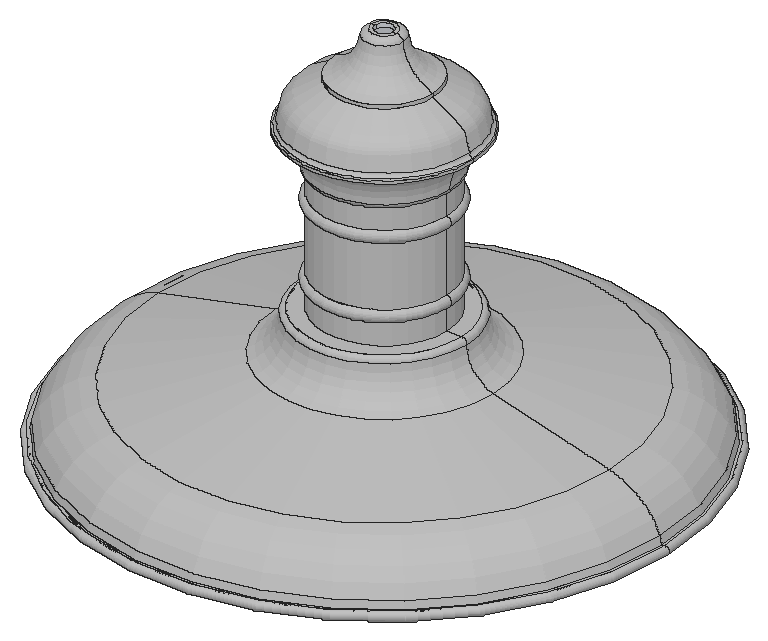
Revit family "TA16 SHADE", category Lighting Fixtures, Revit 2024
Family settings
  Round Connector Dimension = Use Diameter
  Part Type = Normal
  OmniClass Number = 23.80.70.00
  OmniClass Title = Lighting
  Work Plane-Based = No
  Always vertical = Yes
  Cut with Voids When Loaded = No
  Light Source = Yes
  Maintain Annotation Orientation = No
  Shared = No
  Room Calculation Point = No
Parameters
  Wattage = 12.1178 W
  built-in parameter 1150110 = 1 (stored number, unit not read)
  built-in parameter 1114217 = 1 (stored number, unit not read)
  built-in parameter 1150109 = 1 (stored number, unit not read)
  built-in parameter 1150134 = (empty or 0)
  built-in parameter 1150113 = 1 (stored number, unit not read)
  Lumens = 1800 lm
  built-in parameter 1150115 = 1 (stored number, unit not read)
  built-in parameter 1150105 = 572.96 (stored number, unit not read)
  Light Source Symbol Size = 2' - 0"
  built-in parameter 1150137 = (empty or 0)
  built-in parameter 1150139 = (empty or 0)
  built-in parameter 1150112 = 1 (stored number, unit not read)
  built-in parameter 1150114 = 1 (stored number, unit not read)
  built-in parameter 1150132 = 2
  built-in parameter 1150102 = (empty or 0)
  built-in parameter 1150138 = (empty or 0)
  built-in parameter 1150107 = 3000 (stored number, unit not read)
  built-in parameter 1150106 = 5.7296 (stored number, unit not read)
  built-in parameter 1150104 = 13.8 (stored number, unit not read)
  Dimming Lamp Color Temperature Shift = (empty or 0)
  Default Elevation = 0' - 0"
  Color Filter = 16777215
  built-in parameter 1114218 = 1 (stored number, unit not read)
  built-in parameter 1150133 = 10 (stored number, unit not read)
Reference planes (in)
  plane 1 "Light Source Axis (F/B)": y = 0
  plane 2: z = 0
  plane 3 "Light Source Axis (L/R)": x = 0
  plane 4 "Light Source Elevation": z = 54
Forms (in)
  Revolve 1, solid
    sketch origin (0, 0, 0) x (1, 0, 0) y (0, 0, 1)
      loop
        arc (-2.31292, 57.35855) -> (-2.52533, 56.74618) -> (-3.05129, 56.36739) r 1.07447
        line (-3.05129, 56.36739) -> (-6.351, 55.61251)
        arc (-6.351, 55.61251) -> (-7.18929, 55.19685) -> (-7.7442, 54.44347) r 1.98591
        line (-7.7442, 54.44347) -> (-7.79605, 54.25) -> (-7.87512, 54.25)
        arc (-7.87512, 54.25) -> (-7.97571, 54.05079) -> (-7.75569, 54.0881) r 0.125
        line (-7.75569, 54.0881) -> (-7.65531, 54.413)
        arc (-7.65531, 54.413) -> (-7.12658, 55.12709) -> (-6.3302, 55.5211) r 1.89216
        line (-6.3302, 55.5211) -> (-3.02623, 56.27695)
        arc (-3.02623, 56.27695) -> (-2.45098, 56.68905) -> (-2.21916, 57.35763) r 1.16822
        arc (-2.21916, 57.35763) -> (-2.20552, 57.39195) -> (-2.17147, 57.40625) r 0.0477
        line (-2.17147, 57.40625) -> (-1.65625, 57.40625) -> (-1.65625, 60.28125) -> (-1.65625, 61) -> (-1.75774, 61.10149)
        arc (-1.75774, 61.10149) -> (-1.9179, 61.67523) -> (-2.35207, 62.08307) r 1.10775
        line (-2.35207, 62.08307) -> (-2.30159, 62.1796)
        spline (-2.30159, 62.1796) -> (-2.24698, 62.40762) -> (-2.21344, 62.52527) -> (-2.18719, 62.59136) -> (-2.16024, 62.63911) -> (-2.12608, 62.68437) -> (-2.08139, 62.73272) -> (-2.02181, 62.78624) -> (-1.94187, 62.84733) -> (-1.8361, 62.91725) -> (-1.69683, 62.99762) -> (-1.51473, 63.09035) -> (-1.28125, 63.1971)
        line (-1.28125, 63.1971) -> (-1.28125, 63.28071)
        arc (-1.28125, 63.28071) -> (-0.70357, 63.68623) -> (-0.43742, 64.33994) r 1.25071
        arc (-0.43742, 64.33994) -> (-0.40318, 64.38775) -> (-0.3473, 64.40605) r 0.09449
        line (-0.3473, 64.40605) -> (-0.25, 64.40605) -> (-0.25, 64.4998) -> (-0.3473, 64.4998)
        arc (-0.3473, 64.4998) -> (-0.46319, 64.45989) -> (-0.52994, 64.3571) r 0.18824
        arc (-0.52994, 64.3571) -> (-0.79553, 63.72186) -> (-1.375, 63.35) r 1.15696
        line (-1.375, 63.35) -> (-1.375, 63.25823)
        spline (-1.375, 63.25823) -> (-1.59626, 63.1549) -> (-1.7704, 63.0642) -> (-1.90553, 62.98442) -> (-2.00973, 62.91387) -> (-2.09063, 62.85082) -> (-2.15327, 62.7934) -> (-2.20189, 62.73969) -> (-2.24067, 62.68725) -> (-2.27331, 62.62829) -> (-2.3033, 62.55161) -> (-2.33835, 62.42806) -> (-2.39271, 62.20092)
        arc (-2.39271, 62.20092) -> (-2.41779, 62.14071) -> (-2.46875, 62.1) r 0.13128
        arc (-2.46875, 62.1) -> (-2.49085, 62.09085) -> (-2.5, 62.06875) r 0.03125
        line (-2.5, 62.06875) -> (-2.5, 62) -> (-2.39552, 62)
        arc (-2.39552, 62) -> (-1.9981, 61.62668) -> (-1.85149, 61.10149) r 1.014
        arc (-1.85149, 61.10149) -> (-1.82176, 61.02973) -> (-1.75, 61) r 0.10149
        line (-1.75, 61) -> (-1.75, 60.40625)
        arc (-1.75, 60.40625) -> (-1.875, 60.25) -> (-1.75, 60.09375) r 0.16016
        line (-1.75, 60.09375) -> (-1.75, 58.40625)
        arc (-1.75, 58.40625) -> (-1.875, 58.25) -> (-1.75, 58.09375) r 0.16016
        line (-1.75, 58.09375) -> (-1.75, 57.5) -> (-2.17147, 57.5)
        arc (-2.17147, 57.5) -> (-2.27149, 57.45857) -> (-2.31292, 57.35855) r 0.14145
      axis (0, 64.4998) -> (0, 54.0881)
    angle from 0 to 360
Dimensions and locks (in)
  aligned and locked: plane 3 "Light Source Axis (L/R)" to imposter light
  aligned and locked: plane 1 "Light Source Axis (F/B)" to imposter light
  aligned and locked: plane 4 "Light Source Elevation" to imposter light
  aligned and locked: level to plane 2
